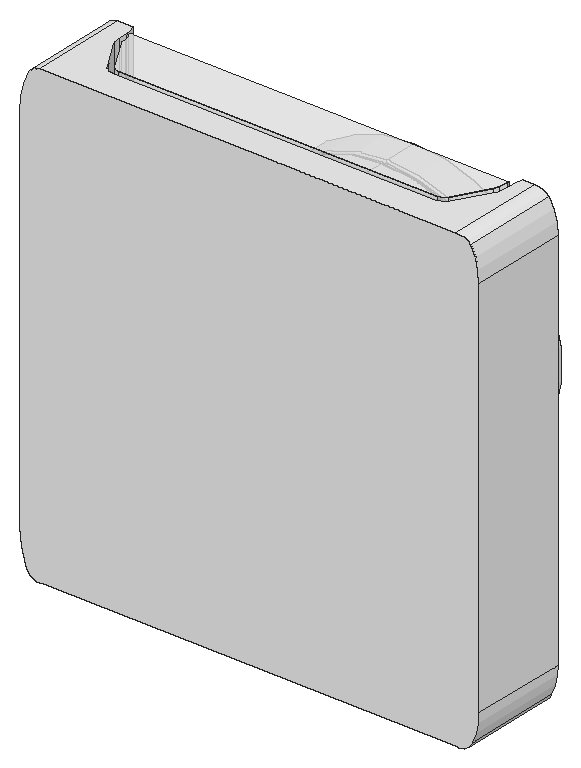
Revit family "Platek_Blend Applique_2_Openings", category Apparecchi per illuminazione, Revit 2017
Family settings
  Quota connettore circolare = Usa diametro
  Tipo di parte = Normale
  Basato su piano di lavoro = No
  Sempre verticale = Sì
  Taglio con vuoti quando caricato = No
  Sorgente d'illuminazione = No
  Condiviso = No
  Punto di calcolo locali = No
Parameters (values of type "1610217_19W_LED_3000K")
  URL = "www.platek.eu"
  Supply Voltage Min = 220 V
  Supply Voltage Max = 240 V
  Supply Voltage = 230 V
  Produttore = "PLATEK SRL"  # constant formula
  Product Page URL = "http://www.platek.eu/ita/catalogo.php?catseaname=1610217"
  Product Documentation Link = "http://www.platek.eu/ita/catalogo.php?catseaname=1610217"
  Product Dimension = "L160mm x L160mm x 71,5mm"
  Power Supply Unit = "Included"
  PLATEK Article Code = "1610217"
  Nota chiave = "Other LED colors available on request"
  Mounting Type = "Wall"
  Modello = "Blend Applique 2 Openings"  # constant formula
  Manufacturer Comment = "2 Openings"
  Luminaire Wattage = 19 W
  Luminaire Luminous Intensity = 1073 cd
  Luminaire Luminous Flux = 1395 lm
  Light Source = PLK_Light Source
  Lampada = "2 LED Lamp"
  LED Protection = "Surge protection included"
  Insulation Class = "1"
  Immagine tipo = blend_applique_1-2_finestre_1.jpg
  IP Rating = "IP65"
  IK Rating = "IK 05"
  Frequency = "50/60 Hz"
  Energy Efficiency Rating = "A/A+/A++"
  Dimmable = "On request"
  Diffuse Type = "Transparent Glass"
  Descrizione = "Outdoor Lighting, Wall mounted"
  Commenti sul tipo = "Facades, Wall"
  Colour Temperature = 3000 K
  Codice assieme = "1610217.02(White);  1610217.06(Grey);  1610217.01(Black);  1610217.08(Anthracite);  1610217.01(Black);  1610217.07(Corten);  1610217.09(Bronze)"
  Carico apparente = 0 VA
  Cable Lenght = ""
  CRI = ">80"
  Body = PLK_06_Grey
  Angolo di inclinazione = 0.00°
  Aluminium = PLK_Aluminium
Reference planes
  plane 1 "Centro (Fronte/Retro)": y = 0
  plane 2: z = 0
  plane 3 "Centro (Sinistra/Destra)": x = 0
  plane 4: x = -79.816
  plane 5: x = 79.816
  plane 6: z = 160
  plane 7: z = 143
  plane 8: z = 17
  plane 9: z = 79.898
  plane 10: y = -71.467
  plane 11: y = -37.5
  plane 12: y = -12
  plane 13: y = -40.485
  plane 14: y = -59.106
  plane 15: y = -49.796
Forms (mm)
  Extrusion 1, solid, material "PLK_06_Grey" <- "Body", detail levels fine
    sketch origin (0, 0, 0) x (1, 0, 0) y (0, 0, 1)
      loop
        line (-79.816, 144.692) -> (-79.816, 15.116)
        arc (-79.816, 15.116) -> (-79.363, 9.355) -> (-78.014, 3.737) r 36.824
        arc (-78.014, 3.737) -> (-75.6, 0.704) -> (-71.788, 0) r 5.531
        line (-71.788, 0) -> (71.788, 0)
        arc (71.788, 0) -> (75.177, 0.519) -> (77.589, 2.956) r 5.462
        arc (77.589, 2.956) -> (79.319, 7.859) -> (79.816, 13.034) r 21.402
        line (79.816, 13.034) -> (79.816, 146.746)
        arc (79.816, 146.746) -> (79.05, 152.562) -> (76.806, 157.981) r 22.469
        arc (76.806, 157.981) -> (74.501, 159.472) -> (71.808, 160) r 7.256
        line (71.808, 160) -> (-73.192, 160)
        arc (-73.192, 160) -> (-75.413, 159.363) -> (-76.958, 157.647) r 4.19
        arc (-76.958, 157.647) -> (-79.157, 151.339) -> (-79.816, 144.692) r 28.291
    from 37.5 to 71.467
  Extrusion 2, void, detail levels fine
    sketch origin (0, 0, 100) x (-1, 0, 0) y (0, -1, 0)
      loop
        arc (67.75, 37.5) -> (67.178, 39.338) -> (66.941, 41.247) r 10.842
        line (66.941, 41.247) -> (66.813, 44.909)
        arc (66.813, 44.909) -> (66.559, 46.515) -> (65.923, 48.013) r 6.674
        line (65.923, 48.013) -> (59.738, 58.726)
        arc (59.738, 58.726) -> (58.063, 60.4) -> (55.776, 61.013) r 4.575
        line (55.776, 61.013) -> (-55.925, 61.013)
        arc (-55.925, 61.013) -> (-58.129, 60.36) -> (-59.741, 58.72) r 4.592
        line (-59.741, 58.72) -> (-65.874, 48.097)
        arc (-65.874, 48.097) -> (-66.499, 46.551) -> (-66.789, 44.908) r 7.979
        line (-66.789, 44.908) -> (-66.999, 41.895)
        arc (-66.999, 41.895) -> (-67.13, 39.663) -> (-67.695, 37.5) r 11.362
        line (-67.695, 37.5) -> (67.75, 37.5)
    from 43.143 to 60
  Extrusion 3, void
    sketch origin (0, 0, 59.796) x (0, 1, 0) y (-1, 0, 0)
      loop
        arc (-37.5, 67.75) -> (-39.338, 67.178) -> (-41.247, 66.941) r 10.842
        line (-41.247, 66.941) -> (-44.909, 66.813)
        arc (-44.909, 66.813) -> (-46.515, 66.559) -> (-48.013, 65.923) r 6.674
        line (-48.013, 65.923) -> (-58.726, 59.738)
        arc (-58.726, 59.738) -> (-60.4, 58.063) -> (-61.013, 55.776) r 4.575
        line (-61.013, 55.776) -> (-61.013, -55.925)
        arc (-61.013, -55.925) -> (-60.36, -58.129) -> (-58.72, -59.741) r 4.592
        line (-58.72, -59.741) -> (-48.097, -65.874)
        arc (-48.097, -65.874) -> (-46.551, -66.499) -> (-44.908, -66.789) r 7.979
        line (-44.908, -66.789) -> (-41.895, -66.999)
        arc (-41.895, -66.999) -> (-39.663, -67.13) -> (-37.5, -67.695) r 11.362
        line (-37.5, -67.695) -> (-37.5, 67.75)
    from -59.796 to -42.796
  Extrusion 4, solid, material "PLK_Light Source" <- "Light Source"
    sketch origin (0, 0, 100) x (-1, 0, 0) y (0, -1, 0)
      loop
        arc (65.109, 40.485) -> (65.744, 40.748) -> (66.006, 41.382) r 0.897
        arc (66.006, 41.382) -> (65.412, 42.673) -> (65.183, 44.076) r 5.28
        arc (65.183, 44.076) -> (64.975, 45.42) -> (64.439, 46.67) r 5.399
        line (64.439, 46.67) -> (58.01, 57.597)
        arc (58.01, 57.597) -> (56.963, 58.7) -> (55.497, 59.106) r 2.846
        line (55.497, 59.106) -> (-55.555, 59.106)
        arc (-55.555, 59.106) -> (-57.038, 58.709) -> (-58.124, 57.623) r 2.967
        line (-58.124, 57.623) -> (-64.679, 46.27)
        arc (-64.679, 46.27) -> (-65.037, 45.22) -> (-65.252, 44.131) r 8.27
        arc (-65.252, 44.131) -> (-65.456, 42.789) -> (-65.723, 41.458) r 28.88
        arc (-65.723, 41.458) -> (-65.806, 40.827) -> (-65.269, 40.485) r 0.593
        line (-65.269, 40.485) -> (65.109, 40.485)
    from 43 to 60
  Extrusion 5, solid, material "PLK_Light Source" <- "Light Source", detail levels fine
    sketch origin (0, 0, 59.796) x (0, 1, 0) y (-1, 0, 0)
      loop
        arc (-40.485, 65.109) -> (-40.748, 65.744) -> (-41.382, 66.006) r 0.897
        arc (-41.382, 66.006) -> (-42.673, 65.412) -> (-44.076, 65.183) r 5.28
        arc (-44.076, 65.183) -> (-45.42, 64.975) -> (-46.67, 64.439) r 5.399
        line (-46.67, 64.439) -> (-57.597, 58.01)
        arc (-57.597, 58.01) -> (-58.7, 56.963) -> (-59.106, 55.497) r 2.846
        line (-59.106, 55.497) -> (-59.106, -55.555)
        arc (-59.106, -55.555) -> (-58.709, -57.038) -> (-57.623, -58.124) r 2.967
        line (-57.623, -58.124) -> (-46.27, -64.679)
        arc (-46.27, -64.679) -> (-45.22, -65.037) -> (-44.131, -65.252) r 8.27
        arc (-44.131, -65.252) -> (-42.789, -65.456) -> (-41.458, -65.723) r 28.88
        arc (-41.458, -65.723) -> (-40.827, -65.806) -> (-40.485, -65.269) r 0.593
        line (-40.485, -65.269) -> (-40.485, 65.109)
    from -59.796 to -42.796
  Revolve 6, solid, material "PLK_06_Grey" <- "Body", detail levels medium+fine
    sketch origin (0, 0, 0) x (0, 1, 0) y (0, 0, 1)
      loop
        arc (-37.5, 27.275) -> (-37.215, 27.964) -> (-36.526, 28.249) r 0.974
        line (-36.526, 28.249) -> (-13.89, 28.868)
        arc (-13.89, 28.868) -> (-13.412, 29.124) -> (-13.334, 29.66) r 0.603
        line (-13.334, 29.66) -> (-12, 30.105) -> (-12, 79.898) -> (-37.5, 79.898) -> (-37.5, 27.275)
      axis (-37.5, 79.898) -> (-12, 79.898)
    angle from 0 to 360
  Revolve 7, solid, material "PLK_06_Grey" <- "Body", detail levels medium+fine
    sketch origin (0, 0, 0) x (0, 1, 0) y (0, 0, 1)
      loop
        line (0, 131.079) -> (-11.351, 130.88)
        arc (-11.351, 130.88) -> (-11.895, 130.775) -> (-12, 130.232) r 0.494
        line (-12, 130.232) -> (-12, 79.898) -> (0, 79.898) -> (0, 131.079)
      axis (-12, 79.898) -> (0, 79.898)
    angle from 0 to 360
  Extrusion 8, solid, material "PLK_06_Grey" <- "Body", detail levels medium
    sketch origin (0, 0, 0) x (1, 0, 0) y (0, 0, 1)
      loop
        line (-79.816, 160) -> (-79.816, 0) -> (79.816, 0) -> (79.816, 160) -> (-79.816, 160)
    from 37.5 to 71.467
  Extrusion 9, solid, material "PLK_06_Grey" <- "Body", detail levels coarse
    sketch origin (0, 0, 0) x (1, 0, 0) y (0, 0, 1)
      loop
        line (-79.816, 160) -> (-79.816, 0) -> (79.816, 0) -> (79.816, 160) -> (-79.816, 160)
    from 0 to 71.467
Cuts and joins
  Extrusion 2, Extrusion 3 cuts Extrusion 1
Dimensions and locks
  plane 6 to plane 7 = 17 mm
  plane 6 to plane 7 to plane 9 to plane 8 to level = 17 mm locked, 63.102 mm locked, 62.898 mm locked, 17 mm locked
  equal spacing: plane 4, plane 3 "Centro (Sinistra/Destra)", plane 5
  equal spacing: plane 13, plane 15, plane 14, locked at 9.311 each
  equal spacing: plane 4, plane 3 "Centro (Sinistra/Destra)", plane 5, locked at 79.816 each
  aligned and locked: level to plane 2
  aligned and locked: import instance to plane 3 "Centro (Sinistra/Destra)"
  aligned and locked: import instance to plane 1 "Centro (Fronte/Retro)"
  aligned and locked: Extrusion 1 to plane 10
  aligned and locked: plane 11 to Extrusion 1
  aligned and locked: plane 6 to Extrusion 2
  aligned and locked: Extrusion 3 to level
  aligned and locked: plane 8 to Extrusion 3
  aligned and locked: Extrusion 4 to plane 7
  aligned and locked: plane 6 to Extrusion 4
  aligned and locked: Extrusion 5 to level
  aligned and locked: plane 8 to Extrusion 5
  aligned and locked: plane 9 to Revolve 6 sketch curve
  aligned and locked: plane 12 to Revolve 6
  aligned and locked: plane 9 to Revolve 7 sketch curve
  aligned and locked: plane 1 "Centro (Fronte/Retro)" to Revolve 7
  aligned and locked: Extrusion 8 sketch curve to plane 6
  aligned and locked: Extrusion 8 sketch curve to plane 4
  aligned and locked: plane 2 to Extrusion 8 sketch curve
  aligned and locked: plane 5 to Extrusion 8 sketch curve
  aligned and locked: Extrusion 8 to plane 10
  aligned and locked: plane 11 to Extrusion 8
  aligned and locked: Extrusion 9 sketch curve to Extrusion 8  (x4)
  aligned and locked: Extrusion 9 to plane 10
  aligned and locked: Extrusion 9 to plane 1 "Centro (Fronte/Retro)"
  aligned and locked: plane 13 to Extrusion 4
  aligned and locked: plane 15 to nested 1
  aligned and locked: plane 3 "Centro (Sinistra/Destra)" to nested 1
Automatic sketch dimensions
  plane 4 to Extrusion 1 sketch curve = 0 mm
  Extrusion 1 sketch curve to plane 6 = 0 mm
  Extrusion 1 sketch curve to level = 0 mm
  plane 5 to Extrusion 1 sketch curve = 0 mm
  Extrusion 1 sketch curve to plane 4 = 6.624 mm
  Extrusion 1 sketch curve to plane 4 = 7.062 mm
  Extrusion 1 sketch curve to Extrusion 1 sketch curve = 0.966 mm
  plane 7 to Extrusion 1 sketch curve = 2.245 mm
  Extrusion 1 sketch curve to Extrusion 1 sketch curve = 21.662 mm
  Extrusion 1 sketch curve to plane 8 = 1.884 mm
  Extrusion 1 sketch curve to Extrusion 1 sketch curve = 29.762 mm
  plane 7 to Extrusion 1 sketch curve = 3.746 mm
  Extrusion 1 sketch curve to Extrusion 1 sketch curve = 22.469 mm
  Extrusion 1 sketch curve to plane 8 = 4.524 mm
  plane 5 to Extrusion 1 sketch curve = 21.395 mm
  Extrusion 1 sketch curve to plane 6 = 7.256 mm
  Extrusion 1 sketch curve to Extrusion 1 sketch curve = 8.033 mm
  plane 5 to Extrusion 1 sketch curve = 8.028 mm
  Extrusion 1 sketch curve to Extrusion 1 sketch curve = 0.024 mm
  Extrusion 1 sketch curve to Extrusion 1 sketch curve = 0.91 mm
  level to Extrusion 1 sketch curve = 5.385 mm
  level to Extrusion 1 sketch curve = 5.446 mm
  Extrusion 1 sketch curve to plane 8 = 3.966 mm
  plane 7 to Extrusion 1 sketch curve = 1.692 mm
  Extrusion 1 sketch curve to Extrusion 1 sketch curve = 4.19 mm
  Extrusion 2 sketch curve to plane 11 = 0 mm
  plane 5 to Extrusion 2 sketch curve = 1.464 mm
  Extrusion 2 sketch curve to Extrusion 2 sketch curve = 10.656 mm
  Extrusion 2 sketch curve to plane 11 = 4.395 mm
  Extrusion 2 sketch curve to Extrusion 2 sketch curve = 0.696 mm
  Extrusion 2 sketch curve to plane 11 = 7.408 mm
  Extrusion 2 sketch curve to Extrusion 2 sketch curve = 0.211 mm
  Extrusion 2 sketch curve to plane 11 = 10.597 mm
  Extrusion 2 sketch curve to Extrusion 2 sketch curve = 0.915 mm
  Extrusion 2 sketch curve to Extrusion 2 sketch curve = 6.133 mm
  Extrusion 2 sketch curve to plane 11 = 6.851 mm
  Extrusion 2 sketch curve to Extrusion 2 sketch curve = 3.816 mm
  Extrusion 2 sketch curve to Extrusion 2 sketch curve = 3.977 mm
  plane 10 to Extrusion 2 sketch curve = 10.454 mm
  Extrusion 2 sketch curve to plane 4 = 24.04 mm
  plane 10 to Extrusion 2 sketch curve = 12.742 mm
  Extrusion 2 sketch curve to Extrusion 2 sketch curve = 3.962 mm
  Extrusion 2 sketch curve to Extrusion 2 sketch curve = 4.367 mm
  Extrusion 2 sketch curve to Extrusion 2 sketch curve = 5.78 mm
  Extrusion 2 sketch curve to plane 11 = 7.409 mm
  Extrusion 2 sketch curve to Extrusion 2 sketch curve = 0.89 mm
  Extrusion 2 sketch curve to plane 11 = 3.747 mm
  Extrusion 2 sketch curve to Extrusion 2 sketch curve = 0.128 mm
  Extrusion 2 sketch curve to Extrusion 2 sketch curve = 0.809 mm
  Extrusion 2 sketch curve to plane 4 = 2.04 mm
  Extrusion 2 sketch curve to Extrusion 2 sketch curve = 0.233 mm
  Extrusion 2 sketch curve to Extrusion 2 sketch curve = 4.589 mm
  Extrusion 3 sketch curve to plane 11 = 0 mm
  Extrusion 3 sketch curve to plane 11 = 3.747 mm
  plane 5 to Extrusion 3 sketch curve = 1.464 mm
  Extrusion 3 sketch curve to plane 11 = 3.94 mm
  Extrusion 3 sketch curve to plane 4 = 2.04 mm
  Extrusion 3 sketch curve to plane 11 = 4.126 mm
  Extrusion 3 sketch curve to plane 11 = 4.395 mm
  Extrusion 3 sketch curve to plane 11 = 6.851 mm
  Extrusion 3 sketch curve to plane 11 = 7.176 mm
  Extrusion 3 sketch curve to Extrusion 3 sketch curve = 3.013 mm
  Extrusion 3 sketch curve to Extrusion 3 sketch curve = 3.661 mm
  Extrusion 3 sketch curve to Extrusion 3 sketch curve = 3.104 mm
  Extrusion 3 sketch curve to Extrusion 3 sketch curve = 3.189 mm
  Extrusion 3 sketch curve to Extrusion 3 sketch curve = 12.073 mm
  Extrusion 3 sketch curve to Extrusion 3 sketch curve = 11.763 mm
  Extrusion 3 sketch curve to Extrusion 3 sketch curve = 2.296 mm
  Extrusion 3 sketch curve to Extrusion 3 sketch curve = 2.287 mm
  Extrusion 3 sketch curve to Extrusion 3 sketch curve = 4.575 mm
  Extrusion 3 sketch curve to Extrusion 3 sketch curve = 10.656 mm
  Extrusion 3 sketch curve to Extrusion 3 sketch curve = 0.211 mm
  Extrusion 3 sketch curve to Extrusion 3 sketch curve = 0.915 mm
  Extrusion 3 sketch curve to Extrusion 3 sketch curve = 6.133 mm
  Extrusion 3 sketch curve to Extrusion 3 sketch curve = 3.816 mm
  Extrusion 3 sketch curve to plane 4 = 24.04 mm
  Extrusion 3 sketch curve to Extrusion 3 sketch curve = 4.367 mm
  Extrusion 3 sketch curve to Extrusion 3 sketch curve = 5.78 mm
  Extrusion 3 sketch curve to Extrusion 3 sketch curve = 0.128 mm
  Extrusion 4 sketch curve to plane 5 = 14.081 mm
  Extrusion 4 sketch curve to plane 11 = 3.577 mm
  plane 5 to Extrusion 4 sketch curve = 14.547 mm
  Extrusion 4 sketch curve to Extrusion 4 sketch curve = 0.591 mm
  plane 10 to Extrusion 4 sketch curve = 13.844 mm
  Extrusion 4 sketch curve to Extrusion 4 sketch curve = 6.555 mm
  Extrusion 4 sketch curve to Extrusion 4 sketch curve = 7.63 mm
  Extrusion 4 sketch curve to Extrusion 4 sketch curve = 2.57 mm
  Extrusion 4 sketch curve to plane 4 = 24.319 mm
  plane 10 to Extrusion 4 sketch curve = 13.871 mm
  Extrusion 4 sketch curve to Extrusion 4 sketch curve = 2.512 mm
  Extrusion 4 sketch curve to plane 11 = 6.432 mm
  Extrusion 4 sketch curve to Extrusion 4 sketch curve = 4.288 mm
  Extrusion 4 sketch curve to Extrusion 4 sketch curve = 4.654 mm
  Extrusion 4 sketch curve to plane 11 = 2.985 mm
  Extrusion 4 sketch curve to Extrusion 4 sketch curve = 0.67 mm
  Extrusion 4 sketch curve to Extrusion 4 sketch curve = 5.351 mm
  Extrusion 4 sketch curve to Extrusion 4 sketch curve = 0.897 mm
  Extrusion 4 sketch curve to plane 11 = 5.579 mm
  Extrusion 4 sketch curve to Extrusion 4 sketch curve = 2.835 mm
  Extrusion 4 sketch curve to Extrusion 4 sketch curve = 5.193 mm
  Extrusion 4 sketch curve to Extrusion 4 sketch curve = 2.594 mm
  Extrusion 4 sketch curve to plane 11 = 10.304 mm
  Extrusion 4 sketch curve to Extrusion 4 sketch curve = 1.484 mm
  Extrusion 4 sketch curve to Extrusion 4 sketch curve = 0.454 mm
  plane 10 to Extrusion 5 sketch curve = 12.361 mm
  Extrusion 5 sketch curve to Extrusion 5 sketch curve = 1.484 mm
  Extrusion 5 sketch curve to Extrusion 5 sketch curve = 1.51 mm
  Extrusion 5 sketch curve to Extrusion 5 sketch curve = 1.336 mm
  Extrusion 5 sketch curve to Extrusion 5 sketch curve = 2.967 mm
  Extrusion 5 sketch curve to plane 11 = 10.304 mm
  Extrusion 5 sketch curve to plane 11 = 9.17 mm
  Extrusion 5 sketch curve to plane 11 = 8.77 mm
  Extrusion 5 sketch curve to Extrusion 5 sketch curve = 2.453 mm
  Extrusion 5 sketch curve to Extrusion 5 sketch curve = 2.738 mm
  Extrusion 5 sketch curve to plane 11 = 5.579 mm
  Extrusion 5 sketch curve to plane 11 = 3.882 mm
  Extrusion 5 sketch curve to plane 11 = 3.577 mm
  Extrusion 5 sketch curve to Extrusion 5 sketch curve = 0.897 mm
  Extrusion 5 sketch curve to plane 5 = 14.081 mm
  plane 5 to Extrusion 5 sketch curve = 14.547 mm
  Extrusion 5 sketch curve to Extrusion 5 sketch curve = 0.591 mm
  Extrusion 5 sketch curve to Extrusion 5 sketch curve = 6.555 mm
  Extrusion 5 sketch curve to Extrusion 5 sketch curve = 7.63 mm
  Extrusion 5 sketch curve to plane 4 = 24.319 mm
  Extrusion 5 sketch curve to Extrusion 5 sketch curve = 4.288 mm
  Extrusion 5 sketch curve to Extrusion 5 sketch curve = 4.654 mm
  Extrusion 5 sketch curve to Extrusion 5 sketch curve = 0.67 mm
  Extrusion 5 sketch curve to Extrusion 5 sketch curve = 4.454 mm
  Extrusion 5 sketch curve to Extrusion 5 sketch curve = 0 mm
  plane 9 to Revolve 6 sketch curve = 0 mm
  Revolve 6 sketch curve to plane 11 = 0 mm
  Revolve 6 sketch curve to plane 12 = 0 mm
  plane 11 to Revolve 6 sketch curve = 0.974 mm
  Revolve 6 sketch curve to plane 12 = 1.906 mm
  Revolve 6 sketch curve to Revolve 6 sketch curve = 0.016 mm
  Revolve 6 sketch curve to Revolve 6 sketch curve = 0.572 mm
  plane 8 to Revolve 6 sketch curve = 13.105 mm
  Revolve 6 sketch curve to Revolve 6 sketch curve = 0.445 mm
  Revolve 6 sketch curve to Revolve 6 sketch curve = 0.191 mm
  plane 8 to Revolve 6 sketch curve = 11.249 mm
  Revolve 6 sketch curve to plane 10 = 11.814 mm
  Revolve 6 sketch curve to plane 1 "Centro (Fronte/Retro)" = 19.071 mm
  Revolve 7 sketch curve to plane 12 = 0 mm
  Revolve 7 sketch curve to plane 1 "Centro (Fronte/Retro)" = 0 mm
  plane 9 to Revolve 7 sketch curve = 0 mm
  plane 12 to Revolve 7 sketch curve = 0.455 mm
  Revolve 7 sketch curve to Revolve 7 sketch curve = 0.194 mm  (x2)
  Revolve 7 sketch curve to plane 7 = 12.768 mm
  Revolve 7 sketch curve to Revolve 7 sketch curve = 0.198 mm
  Revolve 7 sketch curve to plane 10 = 17.233 mm
  Revolve 7 sketch curve to plane 1 "Centro (Fronte/Retro)" = 37.841 mm
Nested families
  nested 1: "PLK_Photometrics_1610217" at (0, -49.796, 0) x (-0.0002, 1, 0) z (0, 0, 1), type "PLK_Photometrics_1610217"
  nested 2: "PLK_Photometrics_1610217" at (0, -49.796, 160) x (0, 1, 0) z (0, 0, -1), type "PLK_Photometrics_1610217"
Connectors
  electrical at (0, 0, 80)
    settings: on Extrusion 9, index 1, voltage 0 V, apparent load 0 VA, apparent load phase1 0 VA, apparent load phase2 0 VA, apparent load phase3 0 VA, power factor 1, load classification "Altro", number of poles 1, system type 31, power factor state 1, is connector primary yes, connector utility no, sub classification motor no, connector description ""
Definition of nested family "PLK_Photometrics_1610217"
  Parameters (values of type "PLK_Photometrics_1610217")
    Wattage = 4.71247 W
    Dimming Lamp Color Temperature Shift = (empty or 0)
    built-in parameter 1150107 = 3000 (stored number, unit not read)
    Emit Shape Visible in Rendering = no
    Default Elevation = 1219.2 mm
    Manufacturer = "PLATEK SRL"  # constant formula
    built-in parameter 1150110 = 1 (stored number, unit not read)
    built-in parameter 1150109 = 1 (stored number, unit not read)
    built-in parameter 1114218 = 1 (stored number, unit not read)
    built-in parameter 1150112 = 1 (stored number, unit not read)
    built-in parameter 1150137 = (empty or 0)
    built-in parameter 1150132 = 2
    built-in parameter 1150105 = 259.48 (stored number, unit not read)
    built-in parameter 1150102 = (empty or 0)
    built-in parameter 1150106 = 2.5948 (stored number, unit not read)
    Lumens = 700 lm
    Color Filter = 16777215
    Photometric Web File = "1610117.IES"
    built-in parameter 1114217 = 1 (stored number, unit not read)
    built-in parameter 1150139 = (empty or 0)
    Emit from Rectangle Length = 130 mm  # constant formula
    Emit from Rectangle Width = 20 mm  # constant formula
    built-in parameter 1150104 = 13.8 (stored number, unit not read)
    built-in parameter 1150115 = 1 (stored number, unit not read)
    built-in parameter 1150114 = 1 (stored number, unit not read)
    built-in parameter 1150113 = 1 (stored number, unit not read)
    built-in parameter 1150134 = (empty or 0)
    built-in parameter 1150138 = (empty or 0)
    Tilt Angle = 90.00°
    built-in parameter 1150133 = 10 (stored number, unit not read)
  Reference planes
    plane 1 "Centro (Fronte/Retro)": y = 0
    plane 2: z = 0
    plane 3 "Centro (Sinistra/Destra)": x = 0
  Dimensions and locks
    aligned and locked: level to plane 2
    aligned and locked: plane 3 "Centro (Sinistra/Destra)" to imposter light
    aligned and locked: plane 1 "Centro (Fronte/Retro)" to imposter light
